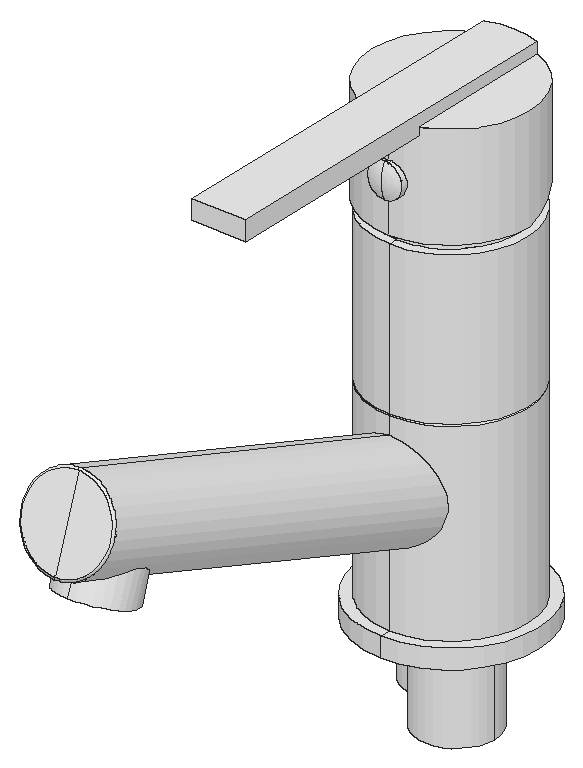
Revit family "Mixer-Basin-Irwell Yukon", category Plumbing Fixtures, host Face, Revit 2013
Parameters (values of type "Standard")
  Waste Connection = no
  Vent Connection = no
  URL = "www.irwell.com.au"
  Type Comments = "Irwell Yukon Basin Mixer"  # constant formula
  ModifiedIssue_ANZRS = 2013.1  # constant formula
  Model = "872210C5A"  # constant formula
  Material_ANZRS = Metal-Chrome-Caroma
  Manufacturer = "GWA Bathrooms & Kitchens"  # constant formula
  HWFU = 1.58  # constant formula
  HW Connection = yes
  Description = "WELS 5 Star Rated, 6L/min"  # constant formula
  Default Elevation = 900 mm
  CreatedBy_ANZRS = "Design Content"  # constant formula
  CreatedByURL_ANZRS = "www.designcontent.com.au"
  Cost = 0
  Connector Radius = 10 mm
  CWFU = 1.58  # constant formula
  CW Connection = yes
  Assembly Code = "C1030210"
Reference planes
  plane 1 "Center (Front/Back)": y = 0
  plane 2: z = 0
  plane 3 "Center (Left/Right)": x = 0
Forms (mm)
  Revolve 1, solid, material "Metal-Chrome-Caroma" <- "Material_ANZRS"
    sketch origin (0, 0, 0) x (0, 1, 0) y (0, 0, 1)
      loop
        line (20, 55.5) -> (20, 95) -> (0, 95) -> (0, 55.5) -> (20, 55.5)
      axis (0, 55.5) -> (0, 95)
    angle from 0 to 360
  Revolve 2, solid, material "Metal-Chrome-Caroma" <- "Material_ANZRS"
    sketch origin (0, -169.116, -46.929) x (0, 1, 0) y (0, 0, 1)
      loop
        line (48.144, 133.671) -> (44.215, 122.88) -> (164.481, 79.085) -> (168.582, 90.345) -> (48.785, 133.97)
        arc (48.785, 133.97) -> (48.403, 133.953) -> (48.144, 133.671) r 0.5
      axis (44.215, 122.88) -> (164.481, 79.085)
    angle from 0 to 360
  Revolve 3, solid, material "Metal-Chrome-Caroma" <- "Material_ANZRS"
    sketch origin (0, -67.487, 0) x (0, 1, 0) y (0, 0, 1)
      loop
        line (-39.097, 51.725) -> (-35.083, 62.746) -> (-44.007, 65.996) -> (-48.021, 54.975) -> (-39.097, 51.725)
      axis (-44.007, 65.996) -> (-48.021, 54.975)
    angle from 0 to 360
  Extrusion 4, solid, material "Metal-Chrome-Caroma" <- "Material_ANZRS"
    sketch origin (14.142, 0, 0) x (1, 0, 0) y (0, 1, 0)
      loop
        circle (-7.071, -7.071) r 10
    from -20 to 0
  Extrusion 5, solid, material "Metal-Chrome-Caroma" <- "Material_ANZRS"
    sketch origin (-14.142, 0, 0) x (-1, 0, 0) y (0, -1, 0)
      loop
        circle (-7.071, -7.071) r 10
    from -20 to 0
  Revolve 6, solid, material "Metal-Chrome-Caroma" <- "Material_ANZRS"
    sketch origin (0, 0, 0) x (0, 1, 0) y (0, 0, 1)
      loop
        line (0, 0) -> (22.921, 0) -> (22.921, 5) -> (20, 5) -> (20, 55) -> (17.487, 55) -> (17.487, 95)
        arc (17.487, 95) -> (12.365, 107.365) -> (0, 112.487) r 17.487
        line (0, 112.487) -> (0, 0)
      axis (0, 0) -> (0, 112.487)
    angle from 0 to 360
  Revolve 7, solid, material "Metal-Chrome-Caroma" <- "Material_ANZRS"
    sketch origin (0, 0, 0) x (0, 1, 0) y (0, 0, 1)
      loop
        line (0, 97.5) -> (20.506, 97.5) -> (20.506, 124.5) -> (0, 124.5) -> (0, 97.5)
      axis (0, 97.5) -> (0, 124.5)
    angle from 0 to 360
  Extrusion 8, void
    sketch origin (0, 0, 0) x (0, 1, 0) y (0, 0, 1)
      loop
        line (-3.465, 96.239) -> (24.102, 96.239) -> (24.102, 106.272) -> (-3.465, 96.239)
    from -100 to 100
  Extrusion 9, solid, material "Metal-Chrome-Caroma" <- "Material_ANZRS"
    sketch origin (0, 0, 0) x (1, 0, 0) y (0, 1, 0)
      loop
        line (-7, -75.5) -> (7, -75.5) -> (7, 19.274)
        arc (7, 19.274) -> (0, 20.506) -> (-7, 19.274) r 20.506
        line (-7, 19.274) -> (-7, -75.5)
    from 122.5 to 127.476
  Revolve 10, solid, material "Metal-Chrome-Caroma" <- "Material_ANZRS"
    sketch origin (0, 0, 0) x (0, 1, 0) y (0, 0, 1)
      loop
        line (-16.452, 110.5) -> (-16.452, 114.999) -> (-21.5, 114.999)
        arc (-21.5, 114.999) -> (-22.247, 112.804) -> (-22.5, 110.5) r 10.619
        line (-22.5, 110.5) -> (-16.452, 110.5)
      axis (-22.5, 110.5) -> (-16.452, 110.5)
    angle from 0 to 360
Cuts and joins
  Extrusion 8 cuts Revolve 7
  joined: Revolve 1, Revolve 2, Revolve 3, Revolve 6, Revolve 7, Extrusion 9, Revolve 10
Lines and regions (mm)
  Masking region 1
    outline origin (0, 0, 0) x (0, 1, 0) y (0, 0, 1)
      loop
        line (-22.921, 0) -> (22.921, 0) -> (22.921, 5) -> (20, 5) -> (20, 55) -> (20, 95) -> (17.487, 95)
        arc (17.487, 95) -> (16.978, 99.189) -> (15.48, 103.134) r 17.487
        line (15.48, 103.134) -> (20.573, 104.988) -> (20.573, 127.476) -> (-75.5, 127.476) -> (-75.5, 122.5) -> (-20.506, 122.5) -> (-20.506, 114.999) -> (-21.5, 114.999)
        arc (-21.5, 114.999) -> (-22.51, 110.5) -> (-21.5, 106.001) r 10.528
        line (-21.5, 106.001) -> (-20.506, 106.001) -> (-20.506, 97.5) -> (-17.308, 97.5)
        arc (-17.308, 97.5) -> (-17.442, 96.253) -> (-17.487, 95) r 17.487
        line (-17.487, 95) -> (-20, 95) -> (-20, 55) -> (-20, 50.505) -> (-120.309, 87.015)
        arc (-120.309, 87.015) -> (-120.691, 86.998) -> (-120.95, 86.716) r 0.5
        line (-120.95, 86.716) -> (-128.803, 65.151)
        arc (-128.803, 65.151) -> (-128.786, 64.769) -> (-128.504, 64.51) r 0.5
        line (-128.504, 64.51) -> (-122.888, 62.465) -> (-124.432, 58.225) -> (-106.584, 51.725) -> (-105.04, 55.966) -> (-20, 24.998) -> (-20, 5) -> (-22.921, 5) -> (-22.921, 0)
  Masking region 2
    outline origin (0, 0, 0) x (1, 0, 0) y (0, 0, 1)
      loop
        line (0, 0) -> (22.921, 0) -> (22.921, 5) -> (20, 5) -> (20, 95) -> (17.487, 95) -> (17.308, 97.5) -> (20.506, 97.5) -> (20.506, 124.5) -> (7, 124.5) -> (7, 127.476) -> (0, 127.476) -> (-7, 127.476) -> (-7, 124.5) -> (-20.506, 124.5) -> (-20.506, 97.5) -> (-17.308, 97.5) -> (-17.487, 95) -> (-20, 95) -> (-20, 5) -> (-22.921, 5) -> (-22.921, 0) -> (0, 0)
  Masking region 3
    outline origin (0, 0, 0) x (1, 0, 0) y (0, 1, 0)
      loop
        arc (12, -19.529) -> (0, 22.921) -> (-12, -19.529) r 22.921
        line (-12, -19.529) -> (-12, -124.186)
        spline (-12, -124.186) -> (-11.591, -125.394) -> (-10.392, -126.519) -> (-8.485, -127.486) -> (-6, -128.227) -> (-3.106, -128.693) -> (0, -128.852) -> (3.106, -128.693) -> (6, -128.227) -> (8.485, -127.486) -> (10.392, -126.519) -> (11.591, -125.394) -> (12, -124.186)
        line (12, -124.186) -> (12, -19.529)
  symbolic lines
    curve 1: line (0, 22.921, 5) -> (0, -22.921, 5)
    curve 2: line (0, 20, 55) -> (0, -20, 55)
    curve 3: line (0, 20, 55.5) -> (0, -20, 55.5)
    curve 4: line (0, 20, 95) -> (0, -20, 95)
    curve 5: line (0, 20.506, 104.964) -> (0, 0, 97.5)
    curve 6: line (0, 0, 97.5) -> (0, -20.506, 97.5)
    curve 7: line (0, -20.506, 106.001) -> (0, -20.506, 114.999)
    curve 8: line (0, -21.5, 106.001) -> (0, -21.5, 114.999)
    curve 9: line (0, -19.274, 122.5) -> (0, -19.274, 124.5)
    curve 10: line (0, 19.274, 124.5) -> (0, -19.274, 124.5)
    curve 11: line (0, 19.274, 124.5) -> (0, 19.274, 127.476)
    curve 12: line (0, -75.5, 122.5) -> (0, -19.274, 122.5)
    curve 13: line (0, -105.04, 55.966) -> (0, -122.888, 62.465)
    curve 14: line (0, -20, 50.505) -> (0, -20, 24.998)
    curve 15: spline (0, 0, 58.225) -> (-2.458, 0, 58.114) -> (-4.749, 0, 57.789) -> (-6.716, 0, 57.273) -> (-8.225, 0, 56.6) -> (-9.174, 0, 55.816) -> (-9.497, 0, 54.975) -> (-9.174, 0, 54.134) -> (-8.225, 0, 53.35) -> (-6.716, 0, 52.677) -> (-4.749, 0, 52.16) -> (-2.458, 0, 51.836) -> (0, 0, 51.725)
    curve 16: spline (0, 0, 51.725) -> (2.458, 0, 51.836) -> (4.749, 0, 52.16) -> (6.716, 0, 52.677) -> (8.225, 0, 53.35) -> (9.174, 0, 54.134) -> (9.497, 0, 54.975) -> (9.174, 0, 55.816) -> (8.225, 0, 56.6) -> (6.716, 0, 57.273) -> (4.749, 0, 57.789) -> (2.458, 0, 58.114) -> (0, 0, 58.225)
    curve 17: line (-9.497, 0, 54.975) -> (-9.497, 0, 63.554)
    curve 18: arc (-9.497, 0, 63.554) -> (-9.451, 0, 63.783) -> (-9.318, 0, 63.975) r 0.586
    curve 19: arc (-9.318, 0, 63.975) -> (-9.038, 0, 64.11) -> (-8.733, 0, 64.05) r 0.494
    curve 20: arc (-8.733, 0, 64.05) -> (-4.433, 0, 62.894) -> (0, 0, 62.465) r 26.819
    curve 21: line (9.497, 0, 54.975) -> (9.497, 0, 63.554)
    curve 22: arc (9.497, 0, 63.554) -> (9.451, 0, 63.783) -> (9.318, 0, 63.975) r 0.586
    curve 23: arc (9.318, 0, 63.975) -> (9.038, 0, 64.11) -> (8.733, 0, 64.05) r 0.494
    curve 24: arc (8.733, 0, 64.05) -> (4.433, 0, 62.894) -> (0, 0, 62.465) r 26.819
    curve 25: line (0, 0, 5) -> (-22.921, 0, 5)
    curve 26: line (22.921, 0, 5) -> (0, 0, 5)
    curve 27: line (-12, 0, 55) -> (-20, 0, 55)
    curve 28: line (20, 0, 55) -> (12, 0, 55)
    curve 29: line (-12, 0, 55.5) -> (-20, 0, 55.5)
    curve 30: line (12, 0, 55.5) -> (20, 0, 55.5)
    curve 31: line (-12, 0, 36.595) -> (-12, 0, 75.703)
    curve 32: line (12, 0, 36.595) -> (12, 0, 75.703)
    curve 33: spline (-12, 0, 36.595) -> (-11.591, 0, 33.594) -> (-10.392, 0, 30.797) -> (-8.485, 0, 28.395) -> (-6, 0, 26.552) -> (-3.106, 0, 25.393) -> (0, 0, 24.998) -> (3.106, 0, 25.393) -> (6, 0, 26.552) -> (8.485, 0, 28.395) -> (10.392, 0, 30.797) -> (11.591, 0, 33.594) -> (12, 0, 36.595)
    curve 34: spline (-12, 0, 75.703) -> (-11.591, 0, 78.63) -> (-10.392, 0, 81.358) -> (-8.485, 0, 83.7) -> (-6, 0, 85.497) -> (-3.106, 0, 86.627) -> (0, 0, 87.013) -> (3.106, 0, 86.627) -> (6, 0, 85.497) -> (8.485, 0, 83.7) -> (10.392, 0, 81.358) -> (11.591, 0, 78.63) -> (12, 0, 75.703)
    curve 35: spline (-12, 0, 75.703) -> (-11.591, 0, 72.79) -> (-10.392, 0, 70.075) -> (-8.485, 0, 67.744) -> (-6, 0, 65.955) -> (-3.106, 0, 64.83) -> (0, 0, 64.447) -> (3.106, 0, 64.83) -> (6, 0, 65.955) -> (8.485, 0, 67.744) -> (10.392, 0, 70.075) -> (11.591, 0, 72.79) -> (12, 0, 75.703)
    curve 36: line (-20, 0, 95) -> (20, 0, 95)
    curve 37: line (20.506, 0, 97.5) -> (-20.506, 0, 97.5)
    curve 38: line (-7, 0, 122.5) -> (7, 0, 122.5)
    curve 39: line (-7, 0, 127.476) -> (-7, 0, 122.5)
    curve 40: line (7, 0, 122.5) -> (7, 0, 127.476)
    curve 41: line (7, 0, 127.476) -> (-7, 0, 127.476)
    curve 42: arc (0, 0, 114.999) -> (-4.499, 0, 110.5) -> (0, 0, 106.001) r 4.499
    curve 43: arc (0, 0, 106.001) -> (4.499, 0, 110.5) -> (0, 0, 114.999) r 4.499
    curve 44: line (-7, 19.274, 0) -> (-7, -75.5, 0)
    curve 45: line (-7, -75.5, 0) -> (7, -75.5, 0)
    curve 46: line (7, -75.5, 0) -> (7, 19.274, 0)
    curve 47: arc (0, 20.506, 0) -> (-20.196, 3.554, 0) -> (-7, -19.274, 0) r 20.506
    curve 48: arc (0, 20.506, 0) -> (20.196, 3.554, 0) -> (7, -19.274, 0) r 20.506
    curve 49: line (-12, -124.186, 0) -> (-12, -16.628, 0)
    curve 50: line (12, -124.186, 0) -> (12, -16.628, 0)
    curve 51: spline (-12, -124.186, 0) -> (-11.591, -125.394, 0) -> (-10.392, -126.519, 0) -> (-8.485, -127.486, 0) -> (-6, -128.227, 0) -> (-3.106, -128.693, 0) -> (0, -128.852, 0) -> (3.106, -128.693, 0) -> (6, -128.227, 0) -> (8.485, -127.486, 0) -> (10.392, -126.519, 0) -> (11.591, -125.394, 0) -> (12, -124.186, 0)
Dimensions and locks
  aligned and locked: plane 2 to host face
  aligned and locked: level to host face
Connectors
  piping at (7.071, -7.071, -20), driven by "Connector Radius", driven by "CWFU"
    settings: on Extrusion 4, index 3, connector radius 0.3937", flow factor 0, pipe flow 0 GPM, pressure drop 0.00 psi, fitting loss kfactor 0, connector angle 0.00°, fixture units 1.58, engagement length 0 mm, flow configuration 3, flow direction 1, fitting loss method 1, system type 20, joint type 0, gender type 0, connector reference index -1, connector utility 0, adjustable connector no, is connector primary yes, fitting loss table "Outlet", connector description "Cold Inlet"
  piping at (-7.071, 7.071, -20), driven by "Connector Radius", driven by "HWFU"
    settings: on Extrusion 5, index 4, connector radius 0.3937", flow factor 0, pipe flow 0 GPM, pressure drop 0.00 psi, fitting loss kfactor 0, connector angle 0.00°, fixture units 1.58, engagement length 0 mm, flow configuration 3, flow direction 1, fitting loss method 1, system type 19, joint type 0, gender type 0, connector reference index -1, connector utility 0, adjustable connector no, is connector primary no, fitting loss table "Outlet", connector description "Hot Inlet"
